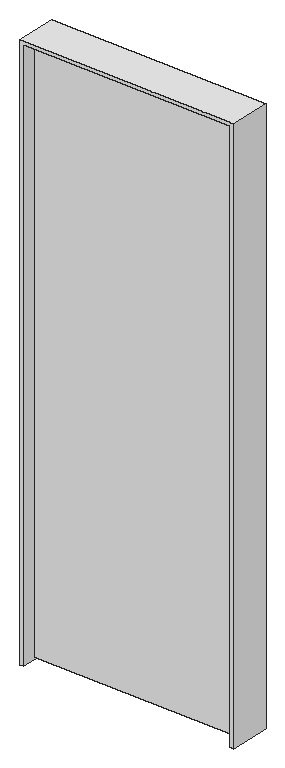
Revit family "Sliding Single Flush", category Doors, host Wall, Revit 2015
Parameters (values of type "8x21M")
  Wall Thickness [instance] = 150 mm
  URL = ""
  Thickness = 50 mm
  Rough Width = 800 mm
  Rough Height = 2100 mm
  Offset [instance] = 0 mm
  Module Width = Rough Width / 100 mm  # 8
  Module Height = Rough Height / 100 mm  # 21
  Material Frame = none
  Material Panel = none
  Height [instance] = Rough Height  # 2100 mm
  Wall Closure = By host
  Width [instance] = Rough Width  # 800 mm
  Function = Interior
  Frame Width = 12 mm
  Fire Rating = "-"
  DoorBasalOpening = ""
  Assembly Code = ""
  Analytic Construction = "<None>"
Reference planes
  plane 1 "Center (Front/Back)": y = -1.032
  plane 2 "Center (Left/Right)": x = 0
  plane 3 "Left": x = -400
  plane 4 "Right": x = 400
  plane 5 "Exterior": y = 73.968
  plane 6 "Interior": y = -76.032
  plane 7 "Bottom Panel": z = 10
  plane 8: z = 2100
  plane 9 "Center Panel": y = -1.032
  plane 10: x = -1200
  plane 11: x = -1212
  plane 12: z = 1050
Forms (mm)
  Sweep 1, solid, material <- "Material Frame"
    path in 3D
      loop
        line (400, 73.968, 0) -> (400, 73.968, 2100) -> (-400, 73.968, 2100) -> (-400, 73.968, 0)
    profile origin (-400, 73.968, 1050) x (1, 0, 0) y (0, 1, 0)
      loop
        line (0, 0) -> (0, -150) -> (12, -150) -> (12, 0) -> (0, 0)
  Extrusion 2, solid, material <- "Material Panel"
    sketch origin (0, -1.032, 0) x (-1, 0, 0) y (0, 0, 1)
      loop
        line (-388, 10) -> (388, 10) -> (388, 2088) -> (-388, 2088) -> (-388, 10)
    from 25 to -25
Lines and regions (mm)
  Opening 1
    outline origin (-3050, -76.032, 0) x (1, 0, 0) y (0, 0, 1)
      loop
        line (2650, 0) -> (3450, 0) -> (3450, 2100) -> (2650, 2100) -> (2650, 0)
  Masking region 1, detail levels medium+fine
    outline origin (0, 0, 0) x (1, 0, 0) y (0, 1, 0)
      loop
        line (-800, -26.032) -> (0, -26.032) -> (0, 23.968) -> (-800, 23.968) -> (-800, -26.032)
  model lines, style "DoorsPanelProjection", detail levels medium+fine
    curve 1: line (360, 23.968, 1040) -> (360, 23.968, 950)
    curve 2: line (330, 23.968, 1040) -> (360, 23.968, 1040)
    curve 3: line (330, 23.968, 950) -> (330, 23.968, 1040)
    curve 4: line (360, 23.968, 950) -> (330, 23.968, 950)
    curve 5: line (330, -26.032, 1040) -> (360, -26.032, 1040)
    curve 6: line (360, -26.032, 1040) -> (360, -26.032, 950)
    curve 7: line (360, -26.032, 950) -> (330, -26.032, 950)
    curve 8: line (330, -26.032, 950) -> (330, -26.032, 1040)
  symbolic lines, detail levels medium+fine
    curve 9: line (400, -76.032, 0) -> (400, 73.968, 0)
  symbolic lines, style "DoorsPanelProjection", detail levels coarse
    curve 10: line (0, -1.032, 0) -> (-800, -1.032, 0)
  sketch lines
    curve 11: line (-400, 73.968, 2100) -> (-400, 73.968, 0)
    curve 12: line (400, 73.968, 2100) -> (-400, 73.968, 2100)
    curve 13: line (400, 73.968, 0) -> (400, 73.968, 2100)
  symbolic lines, style "Plan Swing"
    curve 14: line (-300, 98.786, 0) -> (0, 98.786, 0)
    curve 15: line (0, 98.786, 0) -> (-108.757, 149.5, 0)
  symbolic lines, style "DoorsFrameMullionProjection", detail levels fine
    curve 16: line (-1200, 73.968, 0) -> (-1200, -76.032, 0)
    curve 17: line (-1212, 73.968, 0) -> (-1212, -76.032, 0)
    curve 18: line (-400, 73.968, 0) -> (-388, 73.968, 0)
    curve 19: line (-400, -76.032, 0) -> (-400, 73.968, 0)
    curve 20: line (-388, -76.032, 0) -> (-400, -76.032, 0)
    curve 21: line (-388, 73.968, 0) -> (-388, -76.032, 0)
    curve 22: line (388, 73.968, 0) -> (400, 73.968, 0)
    curve 23: line (388, -76.032, 0) -> (388, 73.968, 0)
    curve 24: line (400, -76.032, 0) -> (388, -76.032, 0)
    curve 25: line (400, 73.968, 0) -> (400, -76.032, 0)
  symbolic lines, style "Elevation Swing"
    curve 26: line (400, -1.032, 1050) -> (-400, -1.032, 1050)
    curve 27: line (-400, -1.032, 1050) -> (-226.795, -1.032, 1150)
    curve 28: line (-400, -1.032, 1050) -> (-226.795, -1.032, 950)
Text (mm)
  text "Exterior" at (-2295.016, 1099.543, 0), in view "Ref. Level"
  text "Exterior" at (0, 1615.38, 3698.081), in view "Left"
  text "Exterior" at (0, 1036.032, 3874.932), in view "Right"
Dimensions and locks
  equal spacing: plane 3 "Left", plane 2 "Center (Left/Right)", plane 4 "Right"
  "Rough Width": plane 3 "Left" to plane 4 "Right"
  "Rough Height": level to plane 8
  locked: plane 5 "Exterior" to host wall at 0
  locked: plane 6 "Interior" to host wall
  locked: host wall to plane 7 "Bottom Panel" at 10
  locked: level to curve 4 at 950
  locked: curve 6 to plane 4 "Right" at 40
  "Width": Masking region 1 to Masking region 1
  "Offset": plane 1 "Center (Front/Back)" to plane 9 "Center Panel"
  "Frame Width": plane 3 "Left" to Sweep 1 sketch curve
  "Wall Thickness": host wall to host wall
  "Rough Width": plane 10 to plane 3 "Left"
  "Frame Width": plane 11 to plane 10
  locked: curve 14 to plane 3 "Left" at 100
  locked: curve 15 to curve 15 at 120
  equal spacing: level, plane 12, plane 8
  equal spacing: Extrusion 2, plane 9 "Center Panel", Extrusion 2
  "Thickness": Extrusion 2 to Extrusion 2
  locked: curve 14 to Extrusion 2 at 74.818
  locked: curve 15 to curve 14 (angle 25.00°)
  aligned and locked: plane 3 "Left" to Opening 1 sketch curve
  aligned and locked: Opening 1 sketch curve to plane 4 "Right"
  aligned and locked: Opening 1 sketch curve to level
  aligned and locked: plane 1 "Center (Front/Back)" to host wall
  aligned and locked: curve 5 to curve 2
  aligned and locked: curve 6 to curve 1
  aligned and locked: curve 8 to curve 3
  aligned and locked: Opening 1 sketch curve to plane 8
  aligned and locked: plane 2 "Center (Left/Right)" to Masking region 1
  aligned and locked: plane 9 "Center Panel" to curve 10
  aligned and locked: plane 2 "Center (Left/Right)" to curve 10
  aligned and locked: Masking region 1 to curve 10
  aligned and locked: Sweep 1 sketch curve to plane 6 "Interior"
  aligned and locked: Sweep 1 sketch curve to plane 3 "Left"
  aligned and locked: plane 5 "Exterior" to Sweep 1 sketch curve
  aligned and locked: plane 2 "Center (Left/Right)" to curve 14
  aligned and locked: curve 17 to plane 11
  aligned and locked: host wall to curve 17  (x2)
  aligned and locked: host wall to curve 16  (x2)
  aligned and locked: curve 19 to plane 3 "Left"
  aligned and locked: plane 5 "Exterior" to curve 18
  aligned and locked: curve 21 to Sweep 1
  aligned and locked: curve 20 to plane 6 "Interior"
  aligned and locked: plane 4 "Right" to curve 25
  aligned and locked: plane 5 "Exterior" to curve 22
  aligned and locked: curve 24 to plane 6 "Interior"
  aligned and locked: curve 23 to Sweep 1
  aligned and locked: Sweep 1 to Extrusion 2 sketch curve
  aligned and locked: Extrusion 2 sketch curve to Sweep 1  (x2)
  aligned and locked: Extrusion 2 sketch curve to plane 7 "Bottom Panel"
  aligned and locked: Extrusion 2 to Masking region 1 sketch curve
  aligned and locked: Masking region 1 sketch curve to Extrusion 2
Automatic sketch dimensions
  curve 9 to host wall = 0 mm
  curve 9 to plane 4 "Right" = 0 mm
  host wall to curve 9 = 0 mm
  curve 16 to plane 10 = 0 mm
  Masking region 1 sketch curve to plane 2 "Center (Left/Right)" = 0 mm
  plane 3 "Left" to Masking region 1 sketch curve = 400 mm
  plane 4 "Right" to curve 26 = 0 mm
  plane 3 "Left" to curve 28 = 0 mm
  curve 27 to plane 12 = 0 mm
  curve 27 to plane 3 "Left" = 173.205 mm
  curve 28 to plane 3 "Left" = 173.205 mm
  curve 28 to plane 12 = 100 mm
  plane 12 to curve 27 = 100 mm
  Extrusion 2 to curve 6 = 940 mm
  curve 5 to curve 5 = 30 mm
  curve 6 to curve 6 = 90 mm
